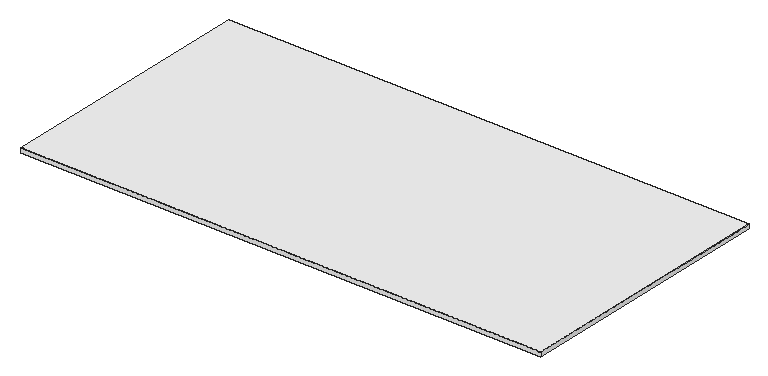
Revit family "NBS_HarlequinFloors_WoodFltngFlrSystms_HarlequinFlexity", category Furniture, Revit 2019
Family settings
  Work Plane-Based = No
  Always vertical = Yes
  Cut with Voids When Loaded = No
  Shared = No
  Room Calculation Point = No
Parameters (values of type "HarlequinFlexity")
  Weight = "11.85 kg/m²"
  WearLayer = "Harlequin performance vinyl"
  WarrantyStartDate [instance] = "1900-12-31T23:59:59"
  WarrantyGuarantorParts = "n/a"
  WarrantyGuarantorLabor = "n/a"
  WarrantyDurationUnit = "year"
  WarrantyDurationParts = "n/a"
  WarrantyDurationLabor = "n/a"
  WarrantyDescription = "Ten year"
  Version = "3"  # constant formula
  VapourControlLayer = "n/a"
  Uniclass2015Version = "Systems v1.22"
  Uniclass2015Title = "Wood floating floor systems"
  Uniclass2015Code = "Ss_30_20_95_95"
  Underlay = "Harlequin engineered board"
  TopLayer = "Engineered board with a hardwood layer"
  ThermalResistance = "1.52 m²K/W"
  ThermalInsulation = "0.658 W/m²K"
  TagNumber [instance] = "n/a"
  SystemPerformance = "n/a"
  SystemCompletion = "n/a"
  SystemAccessories = "n/a"
  SustainabilityPerformance = "n/a"
  SubfloorPreparationLayer = "Smooth, flat, hard surface"
  Size = "n/a"
  ShockAbsorption = "67%"
  Shape = "Rectangle"
  SerialNumber [instance] = "n/a"
  SamplesRequired = "n/a"
  ReplacementCost = "n/a"
  RecycledContent = "n/a"
  Recyclability = "n/a"
  ReactionToFire = "Class 3 BS 476-7 (Bfls1 with Standfast)"
  ProductInformation = "n/a"
  PerimeterFlankingSeal = "n/a"
  NumberFloorDamperSets = rounddown((NominalLength - 149 mm) / FloorDamperSpacing)  # 6
  NominalWidth = 1125 mm
  NominalLength = 2250 mm
  NominalHeight = 39 mm
  Name = "WoodFloatingFloorSystems_HarlequinFlexity_HarlequinFloors"
  NBSCertification = "www.nationalbimlibrary.com/cert/vzefzhb3"
  ModelReference = "HarlequinFlexity"
  ModelNumber = "n/a"
  Material = "Plywood"
  ManufacturerURL = "www.harlequinfloors.com"
  ManufacturerName = "Harlequin Floors (British Harlequin plc)"  # constant formula
  Manufacturer = "enquiries@harlequinfloors.com"
  Load = "1126 kN (229 kg/cm²)"
  IsPortable = not(IsPermanment)  # yes
  IsPermanment = no
  InstallationMethod = "Tongue and groove"
  InstallationDate [instance] = "1900-12-31T23:59:59"
  IfcExportType = "FLOORING"  # constant formula
  IfcExportAs = "IfcCoveringType"  # constant formula
  Grade = "n/a"
  FlooringJointing = "n/a"
  FlooringBoardType = "Plywood"
  FloorSurfaceThickness = 2 mm
  FloorSurfaceMaterial = NBS_Concept
  FloorStructureThickness = 18 mm  # constant formula
  FloorStructureMaterial = NBS_Concept
  FloorDamperThickness = 19 mm  # constant formula
  FloorDamperSpacing = 350 mm
  FloorDamperMaterial = NBS_Concept
  Finish = "n/a"
  Features = "n/a"
  ExpectedLife = "n/a"
  ExpansionGapLength = 10 mm  # constant formula
  Execution = "n/a"
  EmbodiedCarbon = "n/a"
  DynamicLoading = ">1500 N (69 kg/cm²)"
  DurationUnit = "year"
  Description = "n/a"
  CountryOfProductManufacture = "n/a"
  CountryOfMaterialOrigin = "n/a"
  ContainsRedListMaterials = "n/a"
  Constituents = "n/a"
  Color = "n/a"
  CodePerformance = "n/a"
  CategoryOfUse = "A4"
  Category = "Ss_30_20_95_95:Wood floating floor systems"
  CalcFloorDamperSpacing = (NominalLength - 149 mm) / NumberFloorDamperSets  # 350.167 mm
  BarCode [instance] = "n/a"
  BIMObjectName = "NBS_HarlequinFloors_WoodFloatingFloorSystems_HarlequinFlexity"
  Author = "NBS"  # constant formula
  AssetType = if(IsPermanment, "Fixed", "Movable")  # "Movable"
  AssetIdentifier [instance] = "n/a"
  AccessibilityPerformance = "n/a"
Reference planes
  plane 1 "Center (Front/Back)": y = 0
  plane 2: z = 0
  plane 3 "Center (Left/Right)": x = 0
  plane 4: y = 562.5
  plane 5: y = -562.5
  plane 6: x = -1125
  plane 7: x = 1125
  plane 8: z = 19
  plane 9: z = 37
  plane 10 "FloorFinish": z = 39
  plane 11: x = -1050.5
  plane 12: y = 488
  plane 13: y = -488
  plane 14 "ExpansionGapFront": y = -572.5
  plane 15 "ExpansionGapLeft": x = -1135
  plane 16 "ExpansionGapBack": y = 572.5
  plane 17 "ExpansionGapRight": x = 1135
  plane 18: x = -700.5
  plane 19: x = 1050.5
  plane 20: x = -1025.5
  plane 21: x = -1075.5
  plane 22: y = 513
  plane 23: y = 463
  plane 24: y = -513
  plane 25: y = -463
  plane 26: x = 1025.5
  plane 27: x = 1075.5
  plane 28: x = -675.5
Forms (mm)
  Extrusion 1, solid, material "NBS_Concept" <- "FloorDamperMaterial"
    sketch origin (-725, 0, 0) x (1, 0, 0) y (0, 1, 0)
      loop
        line (-350.5, 513) -> (-350.5, 463) -> (-300.5, 463) -> (-300.5, 513) -> (-350.5, 513)
      loop
        line (-350.5, -463) -> (-350.5, -513) -> (-300.5, -513) -> (-300.5, -463) -> (-350.5, -463)
    from 0 to 19
  Extrusion 2, solid
    sketch origin (0, 0, 0) x (1, 0, 0) y (0, 1, 0)
      loop
        line (1025.5, 513) -> (1025.5, 463) -> (1075.5, 463) -> (1075.5, 513) -> (1025.5, 513)
      loop
        line (1025.5, -513) -> (1075.5, -513) -> (1075.5, -463) -> (1025.5, -463) -> (1025.5, -513)
    from 0 to 19
  Extrusion 3, solid, material "NBS_Concept" <- "FloorStructureMaterial"
    sketch origin (0, 0, 0) x (1, 0, 0) y (0, 1, 0)
      loop
        line (-1125, 562.5) -> (-1125, -562.5) -> (1125, -562.5) -> (1125, 562.5) -> (-1125, 562.5)
    from 19 to 37
  Extrusion 4, solid, material "NBS_Concept" <- "FloorSurfaceMaterial"
    sketch origin (0, 0, 0) x (1, 0, 0) y (0, 1, 0)
      loop
        line (-1125, 562.5) -> (-1125, -562.5) -> (1125, -562.5) -> (1125, 562.5) -> (-1125, 562.5)
    from 37 to 39
  Extrusion 5, solid, material "NBS_Concept" <- "FloorDamperMaterial"
    sketch origin (-375, 0, 0) x (1, 0, 0) y (0, 1, 0)
      loop
        line (-350.5, 513) -> (-350.5, 463) -> (-300.5, 463) -> (-300.5, 513) -> (-350.5, 513)
      loop
        line (-350.5, -463) -> (-350.5, -513) -> (-300.5, -513) -> (-300.5, -463) -> (-350.5, -463)
    from 0 to 19
  Extrusion 6, solid, material "NBS_Concept" <- "FloorDamperMaterial"
    sketch origin (-25, 0, 0) x (1, 0, 0) y (0, 1, 0)
      loop
        line (-350.5, 513) -> (-350.5, 463) -> (-300.5, 463) -> (-300.5, 513) -> (-350.5, 513)
      loop
        line (-350.5, -463) -> (-350.5, -513) -> (-300.5, -513) -> (-300.5, -463) -> (-350.5, -463)
    from 0 to 19
  Extrusion 7, solid, material "NBS_Concept" <- "FloorDamperMaterial"
    sketch origin (325, 0, 0) x (1, 0, 0) y (0, 1, 0)
      loop
        line (-350.5, 513) -> (-350.5, 463) -> (-300.5, 463) -> (-300.5, 513) -> (-350.5, 513)
      loop
        line (-350.5, -463) -> (-350.5, -513) -> (-300.5, -513) -> (-300.5, -463) -> (-350.5, -463)
    from 0 to 19
  Extrusion 8, solid, material "NBS_Concept" <- "FloorDamperMaterial"
    sketch origin (675, 0, 0) x (1, 0, 0) y (0, 1, 0)
      loop
        line (-350.5, 513) -> (-350.5, 463) -> (-300.5, 463) -> (-300.5, 513) -> (-350.5, 513)
      loop
        line (-350.5, -463) -> (-350.5, -513) -> (-300.5, -513) -> (-300.5, -463) -> (-350.5, -463)
    from 0 to 19
  Extrusion 9, solid, material "NBS_Concept" <- "FloorDamperMaterial"
    sketch origin (1025, 0, 0) x (1, 0, 0) y (0, 1, 0)
      loop
        line (-350.5, 513) -> (-350.5, 463) -> (-300.5, 463) -> (-300.5, 513) -> (-350.5, 513)
      loop
        line (-350.5, -463) -> (-350.5, -513) -> (-300.5, -513) -> (-300.5, -463) -> (-350.5, -463)
    from 0 to 19
Dimensions and locks
  equal spacing: plane 6, plane 3 "Center (Left/Right)", plane 7
  "NominalLength": plane 6 to plane 7
  equal spacing: plane 4, plane 1 "Center (Front/Back)", plane 5
  "NominalWidth": plane 4 to plane 5
  "FloorDamperThickness": plane 8 to plane 2
  "FloorStructureThickness": plane 9 to plane 8
  "FloorSurfaceThickness": plane 10 "FloorFinish" to plane 9
  locked: plane 13 to plane 5 at 74.5
  locked: plane 4 to plane 12 at 74.5
  locked: plane 6 to plane 11 at 74.5
  "ExpansionGapLength": plane 16 "ExpansionGapBack" to plane 4
  "ExpansionGapLength": plane 5 to plane 14 "ExpansionGapFront"
  "ExpansionGapLength": plane 7 to plane 17 "ExpansionGapRight"
  "ExpansionGapLength": plane 15 "ExpansionGapLeft" to plane 6
  "FloorDamperSpacing": plane 11 to plane 18
  locked: plane 19 to plane 7 at 74.5
  equal spacing: plane 25, plane 13, plane 24
  locked: plane 25 to plane 24 at 50
  equal spacing: plane 22, plane 12, plane 23
  locked: plane 22 to plane 23 at 50
  equal spacing: plane 21, plane 11, plane 20
  locked: plane 21 to plane 20 at 50
  equal spacing: plane 26, plane 19, plane 27
  locked: plane 26 to plane 27 at 50
  locked: plane 18 to plane 28 at 25
  equal spacing: group 1, group 2, group 3, group 4, group 5, group 6  (x3)
  aligned and locked: level to plane 2
  aligned and locked: plane 8 to Extrusion 1
  aligned and locked: Extrusion 2 sketch curve to plane 26  (x2)
  aligned and locked: Extrusion 2 sketch curve to plane 27  (x2)
  aligned and locked: plane 24 to Extrusion 2 sketch curve
  aligned and locked: plane 25 to Extrusion 2 sketch curve
  aligned and locked: plane 23 to Extrusion 2 sketch curve
  aligned and locked: plane 22 to Extrusion 2 sketch curve
  aligned and locked: Extrusion 2 to plane 8
  aligned and locked: Extrusion 3 sketch curve to plane 4
  aligned and locked: Extrusion 3 sketch curve to plane 6
  aligned and locked: Extrusion 3 sketch curve to plane 5
  aligned and locked: Extrusion 3 sketch curve to plane 7
  aligned and locked: Extrusion 3 to plane 8
  aligned and locked: Extrusion 3 to plane 9
  aligned and locked: Extrusion 4 sketch curve to plane 4
  aligned and locked: Extrusion 4 sketch curve to plane 6
  aligned and locked: Extrusion 4 sketch curve to plane 5
  aligned and locked: Extrusion 4 sketch curve to plane 7
  aligned and locked: plane 20 to Extrusion 1  (x2)
  aligned and locked: Extrusion 1 to plane 21  (x2)
  aligned and locked: Extrusion 4 to plane 9
  aligned and locked: Extrusion 4 to plane 10 "FloorFinish"
  aligned and locked: plane 28 to Extrusion 5
Automatic sketch dimensions
  Extrusion 1 sketch curve to Extrusion 1 sketch curve = 0 mm
  Extrusion 1 sketch curve to Extrusion 1 sketch curve = 50 mm  (x4)
  Extrusion 1 sketch curve to Extrusion 1 sketch curve = 926 mm
  Extrusion 5 sketch curve to Extrusion 5 sketch curve = 0 mm
  Extrusion 5 sketch curve to Extrusion 5 sketch curve = 50 mm  (x4)
  Extrusion 5 sketch curve to Extrusion 5 sketch curve = 926 mm
  Extrusion 6 sketch curve to Extrusion 6 sketch curve = 0 mm
  Extrusion 6 sketch curve to Extrusion 6 sketch curve = 50 mm  (x4)
  Extrusion 6 sketch curve to Extrusion 6 sketch curve = 926 mm
  Extrusion 7 sketch curve to Extrusion 7 sketch curve = 0 mm
  Extrusion 7 sketch curve to Extrusion 7 sketch curve = 50 mm  (x4)
  Extrusion 7 sketch curve to Extrusion 7 sketch curve = 926 mm
  Extrusion 8 sketch curve to Extrusion 8 sketch curve = 0 mm
  Extrusion 8 sketch curve to Extrusion 8 sketch curve = 50 mm  (x4)
  Extrusion 8 sketch curve to Extrusion 8 sketch curve = 926 mm
  Extrusion 9 sketch curve to Extrusion 9 sketch curve = 0 mm
  Extrusion 9 sketch curve to Extrusion 9 sketch curve = 50 mm  (x4)
  Extrusion 9 sketch curve to Extrusion 9 sketch curve = 926 mm
